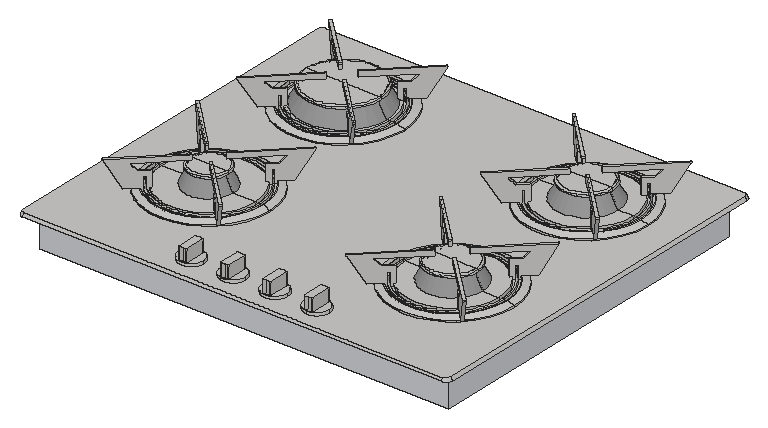
Revit family "piano di cottura a gas_steel", category Furniture, Revit 2015 (continued)
Automatic sketch dimensions
  plane 8 "svart top" to Extrusion 22 sketch curve = 1.2164 cm
  Extrusion 22 sketch curve to Extrusion 22 sketch curve = 0.0426 cm
  plane 20 "knapp" to Extrusion 22 sketch curve = 0.1162 cm  (x2)
  Extrusion 22 sketch curve to plane 10 "buchi base" = 0.5492 cm
  plane 8 "svart top" to Extrusion 23 sketch curve = 0.6007 cm
  Extrusion 23 sketch curve to Extrusion 23 sketch curve = 0.0738 cm
  plane 11 "base fuocherello" to Extrusion 23 sketch curve = 0.0497 cm
  Extrusion 23 sketch curve to Extrusion 23 sketch curve = 4.2164 cm
  Extrusion 23 sketch curve to Extrusion 23 sketch curve = 0.333 cm
  Extrusion 23 sketch curve to Extrusion 23 sketch curve = 0.5978 cm
  Extrusion 23 sketch curve to Extrusion 23 sketch curve = 0.0851 cm
  Extrusion 23 sketch curve to plane 20 "knapp" = 0.0341 cm  (x2)
  Extrusion 23 sketch curve to Extrusion 23 sketch curve = 0.20 cm
  Extrusion 23 sketch curve to Extrusion 23 sketch curve = 0.3703 cm
  Extrusion 23 sketch curve to Extrusion 23 sketch curve = 0.2649 cm
  plane 9 "svart bas" to Extrusion 23 sketch curve = 0.038 cm
  Extrusion 23 sketch curve to Extrusion 23 sketch curve = 0.5984 cm
  Extrusion 23 sketch curve to Extrusion 23 sketch curve = 0.889 cm
  plane 11 "base fuocherello" to Extrusion 23 sketch curve = 0.0441 cm
  Extrusion 23 sketch curve to Extrusion 23 sketch curve = 1.8667 cm
  plane 8 "svart top" to Extrusion 23 sketch curve = 1.2468 cm
  Extrusion 23 sketch curve to Extrusion 23 sketch curve = 2.8536 cm
  plane 8 "svart top" to Extrusion 23 sketch curve = 1.216 cm
  Extrusion 23 sketch curve to Extrusion 23 sketch curve = 0.0426 cm
  Extrusion 23 sketch curve to plane 10 "buchi base" = 0.5495 cm
  plane 20 "knapp" to Extrusion 23 sketch curve = 0.1159 cm  (x2)
  Revolve 24 sketch curve to plane 9 "svart bas" = 0.00 cm
  Revolve 24 sketch curve to plane 8 "svart top" = 0.00 cm
  plane 14 to Revolve 24 sketch curve = 5.3357 cm
  Revolve 24 sketch curve to plane 8 "svart top" = 0.1436 cm
  Revolve 24 sketch curve to Revolve 24 sketch curve = 0.0363 cm
  Revolve 24 sketch curve to Revolve 24 sketch curve = 0.205 cm
  Revolve 24 sketch curve to Revolve 24 sketch curve = 0.151 cm
  plane 14 to Revolve 24 sketch curve = 0.1355 cm  (x2)
  Revolve 24 sketch curve to Revolve 24 sketch curve = 0.1196 cm
  Revolve 24 sketch curve to level = 0.309 cm
  plane 8 "svart top" to Revolve 24 sketch curve = 1.291 cm
  plane 10 "buchi base" to Revolve 25 sketch curve = 0.0004 cm
  plane 14 to Revolve 25 sketch curve = 4.9355 cm
  Revolve 25 sketch curve to plane 8 "svart top" = 0.1317 cm
  Revolve 25 sketch curve to Revolve 25 sketch curve = 0.40 cm  (x2)
  Revolve 25 sketch curve to Revolve 25 sketch curve = 0.0162 cm
  Revolve 25 sketch curve to plane 9 "svart bas" = 0.0078 cm
  Revolve 25 sketch curve to plane 10 "buchi base" = 0.404 cm
  plane 14 to Revolve 25 sketch curve = 0.1355 cm
  Revolve 25 sketch curve to level = 0.309 cm
  plane 8 "svart top" to Revolve 25 sketch curve = 1.291 cm
  plane 11 "base fuocherello" to Revolve 26 sketch curve = 0.0102 cm
  plane 14 to Revolve 26 sketch curve = 6.1355 cm
  Revolve 26 sketch curve to plane 10 "buchi base" = 0.0158 cm
  Revolve 26 sketch curve to Revolve 26 sketch curve = 1.20 cm
  level to Revolve 26 sketch curve = 0.132 cm
  Revolve 26 sketch curve to Revolve 26 sketch curve = 1.549 cm
  Revolve 26 sketch curve to Revolve 26 sketch curve = 0.40 cm  (x2)
  Revolve 26 sketch curve to plane 10 "buchi base" = 0.4158 cm
  plane 14 to Revolve 26 sketch curve = 0.1355 cm
  Revolve 26 sketch curve to level = 0.2014 cm
  plane 8 "svart top" to Revolve 26 sketch curve = 1.291 cm
  Revolve 27 sketch curve to plane 20 "knapp" = 0.0825 cm
  Revolve 27 sketch curve to plane 6 = 5.6669 cm
  Revolve 27 sketch curve to Revolve 27 sketch curve = 0.10 cm
  Revolve 27 sketch curve to plane 11 "base fuocherello" = 0.1002 cm
  plane 15 to Revolve 27 sketch curve = 0.1378 cm
  Revolve 27 sketch curve to level = 0.6776 cm
  plane 8 "svart top" to Revolve 27 sketch curve = 2.6731 cm
  Revolve 28 sketch curve to plane 11 "base fuocherello" = 0.00 cm  (x2)
  Revolve 28 sketch curve to plane 20 "knapp" = 0.0922 cm
  Revolve 28 sketch curve to plane 6 = 4.2669 cm
  Revolve 28 sketch curve to Revolve 28 sketch curve = 0.8906 cm
  Revolve 28 sketch curve to Revolve 28 sketch curve = 0.1094 cm
  Revolve 28 sketch curve to Revolve 28 sketch curve = 1.00 cm
  plane 12 "piano" to Revolve 28 sketch curve = 0.0304 cm
  plane 15 to Revolve 28 sketch curve = 3.0879 cm
  Revolve 28 sketch curve to Revolve 28 sketch curve = 0.149 cm
  level to Revolve 28 sketch curve = 0.1469 cm
  Revolve 28 sketch curve to plane 20 "knapp" = 0.0825 cm
  plane 15 to Revolve 28 sketch curve = 0.1378 cm
  Revolve 28 sketch curve to level = 0.6776 cm
  plane 8 "svart top" to Revolve 28 sketch curve = 0.9224 cm
  Revolve 29 sketch curve to plane 8 "svart top" = 0.1318 cm
  plane 15 to Revolve 29 sketch curve = 3.2379 cm
  Revolve 29 sketch curve to Revolve 29 sketch curve = 0.40 cm  (x2)
  Revolve 29 sketch curve to Revolve 29 sketch curve = 0.0162 cm
  Revolve 29 sketch curve to plane 9 "svart bas" = 0.008 cm
  plane 10 "buchi base" to Revolve 29 sketch curve = 0.0003 cm
  Revolve 29 sketch curve to plane 10 "buchi base" = 0.4041 cm
  plane 15 to Revolve 29 sketch curve = 0.1378 cm
  Revolve 29 sketch curve to level = 0.6776 cm
  plane 8 "svart top" to Revolve 29 sketch curve = 1.2511 cm
  plane 11 "base fuocherello" to Revolve 30 sketch curve = 0.0101 cm
  plane 15 to Revolve 30 sketch curve = 4.4379 cm
  Revolve 30 sketch curve to plane 10 "buchi base" = 0.0159 cm
  Revolve 30 sketch curve to Revolve 30 sketch curve = 1.20 cm
  level to Revolve 30 sketch curve = 0.1469 cm
  Revolve 30 sketch curve to Revolve 30 sketch curve = 1.549 cm
  Revolve 30 sketch curve to Revolve 30 sketch curve = 0.40 cm  (x2)
  Revolve 30 sketch curve to plane 10 "buchi base" = 0.4159 cm
  plane 15 to Revolve 30 sketch curve = 0.1378 cm
  Revolve 30 sketch curve to level = 0.6776 cm
  plane 8 "svart top" to Revolve 30 sketch curve = 0.5329 cm
  Revolve 31 sketch curve to plane 9 "svart bas" = 0.00 cm
  Revolve 31 sketch curve to plane 8 "svart top" = 0.00 cm
  plane 15 to Revolve 31 sketch curve = 3.6381 cm
  Revolve 31 sketch curve to plane 8 "svart top" = 0.1537 cm
  Revolve 31 sketch curve to Revolve 31 sketch curve = 0.0337 cm
  Revolve 31 sketch curve to Revolve 31 sketch curve = 0.1968 cm
  Revolve 31 sketch curve to Revolve 31 sketch curve = 0.1619 cm
  plane 15 to Revolve 31 sketch curve = 0.1378 cm  (x2)
  Revolve 31 sketch curve to Revolve 31 sketch curve = 0.1197 cm
  plane 11 "base fuocherello" to Revolve 31 sketch curve = 0.4901 cm
  plane 8 "svart top" to Revolve 31 sketch curve = 1.8969 cm
  plane 8 "svart top" to Extrusion 32 sketch curve = 0.6009 cm
  Extrusion 32 sketch curve to Extrusion 32 sketch curve = 0.0738 cm
  plane 11 "base fuocherello" to Extrusion 32 sketch curve = 0.05 cm
  Extrusion 32 sketch curve to Extrusion 32 sketch curve = 4.2164 cm
  Extrusion 32 sketch curve to Extrusion 32 sketch curve = 0.333 cm
  Extrusion 32 sketch curve to Extrusion 32 sketch curve = 0.5978 cm
  Extrusion 32 sketch curve to Extrusion 32 sketch curve = 0.0851 cm
  Extrusion 32 sketch curve to plane 20 "knapp" = 0.0338 cm  (x2)
  Extrusion 32 sketch curve to Extrusion 32 sketch curve = 0.20 cm
  Extrusion 32 sketch curve to Extrusion 32 sketch curve = 0.3703 cm
  Extrusion 32 sketch curve to Extrusion 32 sketch curve = 0.2649 cm
  plane 9 "svart bas" to Extrusion 32 sketch curve = 0.0383 cm
  Extrusion 32 sketch curve to Extrusion 32 sketch curve = 0.5984 cm
  Extrusion 32 sketch curve to Extrusion 32 sketch curve = 0.889 cm
  plane 11 "base fuocherello" to Extrusion 32 sketch curve = 0.0444 cm
  Extrusion 32 sketch curve to Extrusion 32 sketch curve = 1.8667 cm
  plane 8 "svart top" to Extrusion 32 sketch curve = 1.2471 cm
  Extrusion 32 sketch curve to Extrusion 32 sketch curve = 2.8536 cm
  plane 8 "svart top" to Extrusion 32 sketch curve = 1.2163 cm
  Extrusion 32 sketch curve to Extrusion 32 sketch curve = 0.0426 cm
  Extrusion 32 sketch curve to plane 10 "buchi base" = 0.5492 cm
  plane 20 "knapp" to Extrusion 32 sketch curve = 0.1162 cm  (x2)
  plane 8 "svart top" to Extrusion 33 sketch curve = 0.6009 cm
  Extrusion 33 sketch curve to Extrusion 33 sketch curve = 0.0738 cm
  plane 11 "base fuocherello" to Extrusion 33 sketch curve = 0.05 cm
  Extrusion 33 sketch curve to Extrusion 33 sketch curve = 4.2164 cm
  Extrusion 33 sketch curve to Extrusion 33 sketch curve = 0.333 cm
  Extrusion 33 sketch curve to Extrusion 33 sketch curve = 0.5978 cm
  Extrusion 33 sketch curve to Extrusion 33 sketch curve = 0.0851 cm
  Extrusion 33 sketch curve to plane 20 "knapp" = 0.0338 cm  (x2)
  Extrusion 33 sketch curve to Extrusion 33 sketch curve = 0.20 cm
  Extrusion 33 sketch curve to Extrusion 33 sketch curve = 0.3703 cm
  Extrusion 33 sketch curve to Extrusion 33 sketch curve = 0.2649 cm
  plane 9 "svart bas" to Extrusion 33 sketch curve = 0.0383 cm
  Extrusion 33 sketch curve to Extrusion 33 sketch curve = 0.5984 cm
  Extrusion 33 sketch curve to Extrusion 33 sketch curve = 0.889 cm
  plane 11 "base fuocherello" to Extrusion 33 sketch curve = 0.0444 cm
  Extrusion 33 sketch curve to Extrusion 33 sketch curve = 1.8667 cm
  plane 8 "svart top" to Extrusion 33 sketch curve = 1.2471 cm
  Extrusion 33 sketch curve to Extrusion 33 sketch curve = 2.8536 cm
  plane 8 "svart top" to Extrusion 33 sketch curve = 1.2163 cm
  Extrusion 33 sketch curve to Extrusion 33 sketch curve = 0.0426 cm
  Extrusion 33 sketch curve to plane 10 "buchi base" = 0.5492 cm
  plane 20 "knapp" to Extrusion 33 sketch curve = 0.1162 cm  (x2)
  plane 8 "svart top" to Extrusion 34 sketch curve = 0.6009 cm
  Extrusion 34 sketch curve to Extrusion 34 sketch curve = 0.0738 cm
  plane 11 "base fuocherello" to Extrusion 34 sketch curve = 0.05 cm
  Extrusion 34 sketch curve to Extrusion 34 sketch curve = 4.2164 cm
  Extrusion 34 sketch curve to Extrusion 34 sketch curve = 0.333 cm
  Extrusion 34 sketch curve to Extrusion 34 sketch curve = 0.5978 cm
  Extrusion 34 sketch curve to Extrusion 34 sketch curve = 0.0851 cm
  Extrusion 34 sketch curve to plane 20 "knapp" = 0.0338 cm  (x2)
  Extrusion 34 sketch curve to Extrusion 34 sketch curve = 0.20 cm
  Extrusion 34 sketch curve to Extrusion 34 sketch curve = 0.3703 cm
  Extrusion 34 sketch curve to Extrusion 34 sketch curve = 0.2649 cm
  plane 9 "svart bas" to Extrusion 34 sketch curve = 0.0383 cm
  Extrusion 34 sketch curve to Extrusion 34 sketch curve = 0.5984 cm
  Extrusion 34 sketch curve to Extrusion 34 sketch curve = 0.889 cm
  plane 11 "base fuocherello" to Extrusion 34 sketch curve = 0.0444 cm
  Extrusion 34 sketch curve to Extrusion 34 sketch curve = 1.8667 cm
  plane 8 "svart top" to Extrusion 34 sketch curve = 1.2471 cm
  Extrusion 34 sketch curve to Extrusion 34 sketch curve = 2.8536 cm
  plane 8 "svart top" to Extrusion 34 sketch curve = 1.2163 cm
  Extrusion 34 sketch curve to Extrusion 34 sketch curve = 0.0426 cm
  Extrusion 34 sketch curve to plane 10 "buchi base" = 0.5492 cm
  plane 20 "knapp" to Extrusion 34 sketch curve = 0.1162 cm  (x2)
  plane 8 "svart top" to Extrusion 35 sketch curve = 0.601 cm
  Extrusion 35 sketch curve to Extrusion 35 sketch curve = 0.0738 cm
  plane 11 "base fuocherello" to Extrusion 35 sketch curve = 0.05 cm
  Extrusion 35 sketch curve to Extrusion 35 sketch curve = 4.2164 cm
  Extrusion 35 sketch curve to Extrusion 35 sketch curve = 0.333 cm
  Extrusion 35 sketch curve to Extrusion 35 sketch curve = 0.5978 cm
  Extrusion 35 sketch curve to Extrusion 35 sketch curve = 0.0851 cm
  Extrusion 35 sketch curve to plane 20 "knapp" = 0.0338 cm  (x2)
  Extrusion 35 sketch curve to Extrusion 35 sketch curve = 0.20 cm
  Extrusion 35 sketch curve to Extrusion 35 sketch curve = 0.3703 cm
  Extrusion 35 sketch curve to Extrusion 35 sketch curve = 0.2649 cm
  plane 9 "svart bas" to Extrusion 35 sketch curve = 0.0383 cm
  Extrusion 35 sketch curve to Extrusion 35 sketch curve = 0.5984 cm
  Extrusion 35 sketch curve to Extrusion 35 sketch curve = 0.889 cm
  plane 11 "base fuocherello" to Extrusion 35 sketch curve = 0.0444 cm
  Extrusion 35 sketch curve to Extrusion 35 sketch curve = 1.8667 cm
  plane 8 "svart top" to Extrusion 35 sketch curve = 1.2471 cm
  Extrusion 35 sketch curve to Extrusion 35 sketch curve = 2.8536 cm
  plane 8 "svart top" to Extrusion 35 sketch curve = 1.2164 cm
  Extrusion 35 sketch curve to Extrusion 35 sketch curve = 0.0426 cm
  Extrusion 35 sketch curve to plane 10 "buchi base" = 0.5492 cm
  plane 20 "knapp" to Extrusion 35 sketch curve = 0.1162 cm  (x2)
  plane 8 "svart top" to Extrusion 36 sketch curve = 0.601 cm
  Extrusion 36 sketch curve to Extrusion 36 sketch curve = 0.0738 cm
  plane 11 "base fuocherello" to Extrusion 36 sketch curve = 0.05 cm
  Extrusion 36 sketch curve to Extrusion 36 sketch curve = 4.2164 cm
  Extrusion 36 sketch curve to Extrusion 36 sketch curve = 0.333 cm
  Extrusion 36 sketch curve to Extrusion 36 sketch curve = 0.5978 cm
  Extrusion 36 sketch curve to Extrusion 36 sketch curve = 0.0851 cm
  Extrusion 36 sketch curve to plane 20 "knapp" = 0.0338 cm  (x2)
  Extrusion 36 sketch curve to Extrusion 36 sketch curve = 0.20 cm
  Extrusion 36 sketch curve to Extrusion 36 sketch curve = 0.3703 cm
  Extrusion 36 sketch curve to Extrusion 36 sketch curve = 0.2649 cm
  plane 9 "svart bas" to Extrusion 36 sketch curve = 0.0383 cm
  Extrusion 36 sketch curve to Extrusion 36 sketch curve = 0.5984 cm
  Extrusion 36 sketch curve to Extrusion 36 sketch curve = 0.889 cm
  plane 11 "base fuocherello" to Extrusion 36 sketch curve = 0.0444 cm
  Extrusion 36 sketch curve to Extrusion 36 sketch curve = 1.8667 cm
  plane 8 "svart top" to Extrusion 36 sketch curve = 1.2471 cm
  Extrusion 36 sketch curve to Extrusion 36 sketch curve = 2.8536 cm
  plane 8 "svart top" to Extrusion 36 sketch curve = 1.2164 cm
  Extrusion 36 sketch curve to Extrusion 36 sketch curve = 0.0426 cm
  Extrusion 36 sketch curve to plane 10 "buchi base" = 0.5492 cm
  plane 20 "knapp" to Extrusion 36 sketch curve = 0.1162 cm  (x2)
  plane 5 to Blend 37 sketch curve = 0.0002 cm
  Blend 37 sketch curve to Blend 37 sketch curve = 0.7929 cm  (x2)
  Blend 37 sketch curve to plane 6 = 0.8104 cm
  Blend 37 sketch curve to plane 6 = 0.7931 cm
  Blend 37 sketch curve to plane 6 = 0.0002 cm
  plane 4 to Blend 37 sketch curve = 7.028 cm
  Blend 37 sketch curve to plane 6 = 0.2002 cm
  Blend 37 sketch curve to Blend 37 sketch curve = 0.5929 cm
  Blend 37 sketch curve to Blend 37 sketch curve = 0.6102 cm
  plane 5 to Blend 37 sketch curve = 0.7931 cm  (x2)
  plane 5 to Blend 37 sketch curve = 0.2002 cm
  plane 4 to Blend 37 sketch curve = 7.6382 cm
  Extrusion 38 sketch curve to plane 3 "Centro (Sinistra/Destra)" = 8.0581 cm
  Extrusion 38 sketch curve to Extrusion 38 sketch curve = 0.1015 cm
  Extrusion 38 sketch curve to Extrusion 38 sketch curve = 0.1058 cm
  Extrusion 38 sketch curve to Extrusion 38 sketch curve = 0.4403 cm
  Extrusion 38 sketch curve to Extrusion 38 sketch curve = 0.4517 cm
  Extrusion 38 sketch curve to Extrusion 38 sketch curve = 0.8657 cm
  Extrusion 38 sketch curve to Extrusion 38 sketch curve = 0.4102 cm
  Extrusion 38 sketch curve to Extrusion 38 sketch curve = 0.1067 cm
  Extrusion 38 sketch curve to Extrusion 38 sketch curve = 0.0023 cm
  Extrusion 38 sketch curve to Extrusion 38 sketch curve = 2.6922 cm
  Extrusion 38 sketch curve to Extrusion 38 sketch curve = 1.5225 cm
  Extrusion 38 sketch curve to Extrusion 38 sketch curve = 0.0404 cm
  plane 14 to Blend 39 sketch curve = 8.0977 cm  (x2)
  Extrusion 40 sketch curve to plane 3 "Centro (Sinistra/Destra)" = 2.3264 cm
  Extrusion 40 sketch curve to Extrusion 40 sketch curve = 0.1015 cm
  Extrusion 40 sketch curve to Extrusion 40 sketch curve = 0.1058 cm
  Extrusion 40 sketch curve to Extrusion 40 sketch curve = 0.4403 cm
  Extrusion 40 sketch curve to Extrusion 40 sketch curve = 0.4517 cm
  Extrusion 40 sketch curve to Extrusion 40 sketch curve = 0.8657 cm
  Extrusion 40 sketch curve to Extrusion 40 sketch curve = 0.4102 cm
  Extrusion 40 sketch curve to Extrusion 40 sketch curve = 0.1067 cm
  Extrusion 40 sketch curve to Extrusion 40 sketch curve = 0.0023 cm
  Extrusion 40 sketch curve to Extrusion 40 sketch curve = 2.6922 cm
  Extrusion 40 sketch curve to Extrusion 40 sketch curve = 1.5225 cm
  Extrusion 40 sketch curve to Extrusion 40 sketch curve = 0.0404 cm
  Blend 41 sketch curve to plane 3 "Centro (Sinistra/Destra)" = 2.8682 cm  (x2)
  plane 3 "Centro (Sinistra/Destra)" to Extrusion 42 sketch curve = 3.4053 cm
  Extrusion 42 sketch curve to Extrusion 42 sketch curve = 0.1015 cm
  Extrusion 42 sketch curve to Extrusion 42 sketch curve = 0.1058 cm
  Extrusion 42 sketch curve to Extrusion 42 sketch curve = 0.4403 cm
  Extrusion 42 sketch curve to Extrusion 42 sketch curve = 0.4517 cm
  Extrusion 42 sketch curve to Extrusion 42 sketch curve = 0.8657 cm
  Extrusion 42 sketch curve to Extrusion 42 sketch curve = 0.4102 cm
  Extrusion 42 sketch curve to Extrusion 42 sketch curve = 0.1067 cm
  Extrusion 42 sketch curve to Extrusion 42 sketch curve = 0.0023 cm
  Extrusion 42 sketch curve to Extrusion 42 sketch curve = 2.6922 cm
  Extrusion 42 sketch curve to Extrusion 42 sketch curve = 1.5225 cm
  Extrusion 42 sketch curve to Extrusion 42 sketch curve = 0.0404 cm
  plane 3 "Centro (Sinistra/Destra)" to Blend 43 sketch curve = 2.8635 cm  (x2)
  Extrusion 44 sketch curve to plane 15 = 7.5582 cm
  Extrusion 44 sketch curve to Extrusion 44 sketch curve = 0.1015 cm
  Extrusion 44 sketch curve to Extrusion 44 sketch curve = 0.1058 cm
  Extrusion 44 sketch curve to Extrusion 44 sketch curve = 0.4403 cm
  Extrusion 44 sketch curve to Extrusion 44 sketch curve = 0.4517 cm
  Extrusion 44 sketch curve to Extrusion 44 sketch curve = 0.8657 cm
  Extrusion 44 sketch curve to Extrusion 44 sketch curve = 0.4102 cm
  Extrusion 44 sketch curve to Extrusion 44 sketch curve = 0.1067 cm
  Extrusion 44 sketch curve to Extrusion 44 sketch curve = 0.0023 cm
  Extrusion 44 sketch curve to Extrusion 44 sketch curve = 2.6922 cm
  Extrusion 44 sketch curve to Extrusion 44 sketch curve = 1.5225 cm
  Extrusion 44 sketch curve to Extrusion 44 sketch curve = 0.0404 cm
  Blend 45 sketch curve to plane 15 = 8.10 cm  (x2)
  Blend 37 sketch curve to plane 17 = 15.8687 cm  (x2)
  Extrusion 38 sketch curve to plane 17 = 11.6545 cm
  Blend 39 sketch curve to plane 17 = 13.018 cm  (x2)
  Extrusion 40 sketch curve to plane 17 = 11.6545 cm
  Blend 41 sketch curve to plane 17 = 13.018 cm  (x2)
  Extrusion 42 sketch curve to plane 17 = 11.6545 cm
  Blend 43 sketch curve to plane 17 = 13.018 cm  (x2)
  Extrusion 44 sketch curve to plane 17 = 11.6545 cm
  Blend 45 sketch curve to plane 17 = 13.018 cm  (x2)
  plane 15 to Revolve 2 sketch curve = 0.0023 cm
  Revolve 12 sketch curve to plane 14 = 0.00 cm
  radius of Blend 39 sketch curve = 1.80 cm
  radius of Blend 39 sketch curve = 1.6892 cm
  radius of Blend 41 sketch curve = 1.80 cm
  radius of Blend 41 sketch curve = 1.6892 cm
  radius of Blend 43 sketch curve = 1.80 cm
  radius of Blend 43 sketch curve = 1.6892 cm
  radius of Blend 45 sketch curve = 1.80 cm
  radius of Blend 45 sketch curve = 1.6892 cm
